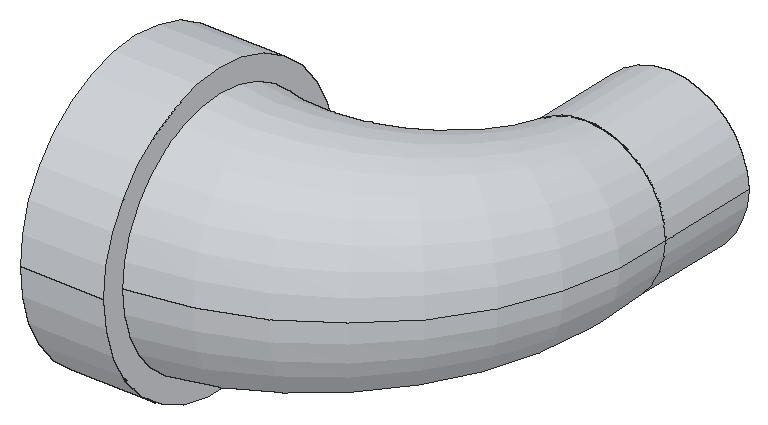
Revit family "11f1709b3999472ca1c42a29f09a702f", category Pipe Fittings, Revit 2021
Family settings
  Round Connector Dimension = Use Radius
  Part Type = Elbow
  OmniClass Number = 23.60.30.11.14
  OmniClass Title = Pipework Fittings
  Seek Item ID = Elbow Street - Threaded - MI - Class 150-0000-USA-ENU
  Work Plane-Based = No
  Always vertical = Yes
  Cut with Voids When Loaded = No
  Shared = No
Parameters (values of type "Standard")
  Tick Size [instance] = Fitting Outside Diameter 1 * 0.4  # 0.23433"
  Metal Thickness [instance] = size_lookup(Lookup Table Name, "MThk", 0.04 * Nominal Diameter + 11/128", Nominal Diameter)  # 0.09016"
  Male End Port Diameter [instance] = size_lookup(Lookup Table Name, "MEPD", 0.95 * Nominal Diameter - 17/256", Nominal Diameter)  # 0.20079"
  Loss Method = K Coefficient from Table
  Lookup Table Name = "Elbow Street - Threaded - MI - Class 150"
  Length 5 [instance] = if(Length 1 > Fitting Outside Radius 1 * tan(Angle / 2), Length 1, Fitting Outside Radius 1 * tan(Angle / 2) + 1/32")  # 0.48819"
  Length 4 [instance] = Length 5 * sin(Angle)  # 0.48819"
  Length 3 [instance] = Length 5 + Length 5 * cos(Angle)  # 0.48819"
  Length 2 [instance] = if(Center to Male End - External Thread Length - Length 1 < 1/32", 1/32", Center to Male End - External Thread Length - Length 1)  # 0.24803"
  K Coefficient Table = "Regular Threaded 45, 90 and 180 Elbow"
  Fitting Outside Radius 2 [instance] = Fitting Outside Diameter 2 / 2  # 0.19055"
  Fitting Outside Radius 1 [instance] = Fitting Outside Diameter 1 / 2  # 0.29291"
  Fitting Outside Diameter 2 [instance] = Male End Port Diameter + Metal Thickness * 2  # 0.3811"
  Fitting Outside Diameter 1 [instance] = Fitting Inside Diameter + Metal Thickness * 2  # 0.58583"
  Length 1 [instance] = Center to End - Band Width  # 0.48819"
  Nominal Radius [instance] = 1/16"
  Nominal Diameter [instance] = Nominal Radius * 2  # 1/8"
  Fitting Inside Diameter [instance] = size_lookup(Lookup Table Name, "FID", 1.08 * Nominal Diameter + 13/64", Nominal Diameter)  # 0.40551"
  External Thread Length [instance] = size_lookup(Lookup Table Name, "ETL", 0.22 * Nominal Diameter + 49/128", Nominal Diameter)  # 0.26378"
  Default Elevation = 0' - 0"
  Center to Male End 2 [instance] = size_lookup(Lookup Table Name, "CtME2", 0.74 * Nominal Diameter + 185/256", Nominal Diameter)  # 0.89764"
  Center to Male End 1 [instance] = size_lookup(Lookup Table Name, "CtME1", 1.21 * Nominal Diameter + 55/64", Nominal Diameter)  # 1"
  Center to Male End [instance] = if(and(Angle > 0.00°, (not(Angle > 45.00°))), Center to Male End 2, Center to Male End 1)  # 1"
  Center to End 1 [instance] = size_lookup(Lookup Table Name, "CtE1", 0.78 * Nominal Diameter + 171/256", Nominal Diameter)  # 0.68898"
  Center to End 2 [instance] = size_lookup(Lookup Table Name, "CtE2", 0.5 * Nominal Diameter + 77/128", Nominal Diameter)  # 0.72441"
  Center to End [instance] = if(and(Angle > 0.00°, (not(Angle > 45.00°))), Center to End 2, Center to End 1)  # 0.68898"
  Center Radius [instance] = Length 5 / tan(Angle / 2)  # 0.48819"
  Band Width [instance] = size_lookup(Lookup Table Name, "BWid", 0.12 * Nominal Diameter + 45/256", Nominal Diameter)  # 0.20079"
  Band Outside Radius [instance] = Band Outside Diameter / 2  # 0.34646"
  Band Outside Diameter [instance] = size_lookup(Lookup Table Name, "BOD", 1.24 * Nominal Diameter + 125/256", Nominal Diameter)  # 0.69291"
  Assembly Code = ""
  Angle [instance] = 90.00°
Reference planes (in)
  plane 1 "Center (Front/Back)": y = 0
  plane 2: z = 0
  plane 3 "Center (Left/Right)": x = 0
  plane 4: x = -0.48819
  plane 5: x = 0
  plane 6: y = 0.48819
  plane 7: y = 0.48819
  plane 8: x = -0.68898
Forms (in)
  SweptBlend 1, solid, detail levels fine
    path in 3D
      loop
        arc (-0.48819, 0, 0) -> (-0.14299, 0.14299, 0) -> (0, 0.48819, 0) r 0.48819
    profile origin (-0.48819, 0, 0) x (0, 1, 0) y (0, 0, 1)
      loop
        circle (0, 0) r 0.29291
    end profile origin (0, 0.48819, 0) x (-1, 0, 0) y (0, 0, 1)
      loop
        circle (0, 0) r 0.19055
  Sweep 2, solid, detail levels fine
    path in 3D
      loop
        line (0, 0.48819, 0) -> (0, 0.73622, 0)
    profile origin (0, 0.6122, 0) x (-1, 0, 0) y (0, 0, 1)
      loop
        circle (0, 0) r 0.19055
  Sweep 3, solid, detail levels fine
    path in 3D
      loop
        line (-0.68898, 0, 0) -> (-0.48819, 0, 0)
    profile origin (-0.58858, 0, 0) x (0, 1, 0) y (0, 0, 1)
      loop
        circle (0, 0) r 0.34646
Cuts and joins
  joined: SweptBlend 1, Sweep 3
Lines and regions (in)
  model lines, detail levels coarse+medium
    curve 1: arc (-0.48819, 0, 0) -> (-0.14299, 0.14299, 0) -> (0, 0.48819, 0) r 0.48819
    curve 2: line (0, 0.48819, 0) -> (0, 0.73622, 0)
    curve 3: line (-0.68898, 0, 0) -> (-0.48819, 0, 0)
    curve 8: line (-0.68898, 0.23433, 0) -> (-0.68898, 0, 0)
    curve 9: line (-0.68898, -0.23433, 0) -> (-0.68898, 0, 0)
    curve 10: line (0, 0.73622, 0) -> (0.23433, 0.73622, 0)
    curve 11: line (0, 0.73622, 0) -> (-0.23433, 0.73622, 0)
  sketch lines
    curve 4: arc (-0.48819, 0, 0) -> (-0.14299, 0.14299, 0) -> (0, 0.48819, 0) r 0.48819
    curve 5: line (0, 0.48819, 0) -> (0, 0.73622, 0)
    curve 6: line (-0.68898, 0, 0) -> (-0.48819, 0, 0)
  reference lines
    curve 7: line (-0.48819, 0, 0) -> (-0.68898, 0, 0)
Dimensions and locks (in)
  "Length 1": plane 4 to plane 3 "Center (Left/Right)"
  "Length 4": plane 1 "Center (Front/Back)" to plane 6
  "Length 3": plane 4 to plane 5
  "Center Radius": plane 7 to plane 1 "Center (Front/Back)"
  "Length 2": curve 2 to curve 2
  "Band Width": plane 8 to plane 4
  "Tick Size": curve 8 to curve 8
  "Tick Size": curve 9 to curve 9
  "Tick Size": curve 10 to curve 10
  "Tick Size": curve 11 to curve 11
  "Fitting Outside Radius 1": radius of SweptBlend 1 sketch curve
  "Fitting Outside Radius 2": radius of SweptBlend 1 sketch curve
  "Fitting Outside Radius 2": radius of Sweep 2 sketch curve
  "Band Outside Radius": radius of Sweep 3 sketch curve
  "Angle": angle curve 1 to curve 1
  "Angle": angle plane 6 to curve 2
  angle curve 10 to curve 2 = 90.00°
  angle curve 2 to curve 11 = 90.00°
  aligned and locked: plane 7 to curve 1
  aligned and locked: plane 4 to curve 1
  aligned and locked: plane 5 to curve 2
  aligned and locked: plane 8 to curve 3
  aligned and locked: plane 4 to curve 3
  aligned and locked: plane 8 to curve 7
  aligned and locked: curve 7 to plane 1 "Center (Front/Back)"
  aligned and locked: plane 1 "Center (Front/Back)" to curve 8
  aligned and locked: curve 8 to plane 8
  aligned and locked: plane 8 to curve 9
Automatic sketch dimensions
  SweptBlend 1 sketch curve to profile plane = 0' - 0"  (x4)
  Sweep 2 sketch curve to profile plane = 0' - 0"  (x2)
  Sweep 3 sketch curve to profile plane = 0' - 0"  (x2)
  curve 7 to plane 4 = 0' - 0"
Connectors (in)
  piping at (-0.68898, 0, 0), diameter 0.125, driven by "Nominal Radius", driven by "Angle"
    settings: on cut or joined group of SweptBlend 1, Sweep 3, index 1, connector inside diameter 1/8", connector length 0' - 0", flow factor 0, pipe flow 0 GPM, pressure drop 0.00 psi, fitting loss kfactor 0, connector angle 90.00°, fixture units 0, engagement length 0' - 0", angle of deflection 0.00°, flow configuration 0, flow direction 0, fitting loss method 0, system type 28, joint type 0, gender type 0, connector reference index 2, connector utility 0, adjustable connector no, is connector primary yes, connector description ""
  piping at (0, 0.73622, 0), diameter 0.125, driven by "Nominal Radius", driven by "Angle"
    settings: on Sweep 2, index 2, connector inside diameter 1/8", connector length 0' - 0", flow factor 0, pipe flow 0 GPM, pressure drop 0.00 psi, fitting loss kfactor 0, connector angle 90.00°, fixture units 0, engagement length 0' - 0", angle of deflection 0.00°, flow configuration 0, flow direction 0, fitting loss method 0, system type 28, joint type 0, gender type 0, connector reference index 1, connector utility 0, adjustable connector no, is connector primary no, connector description ""
